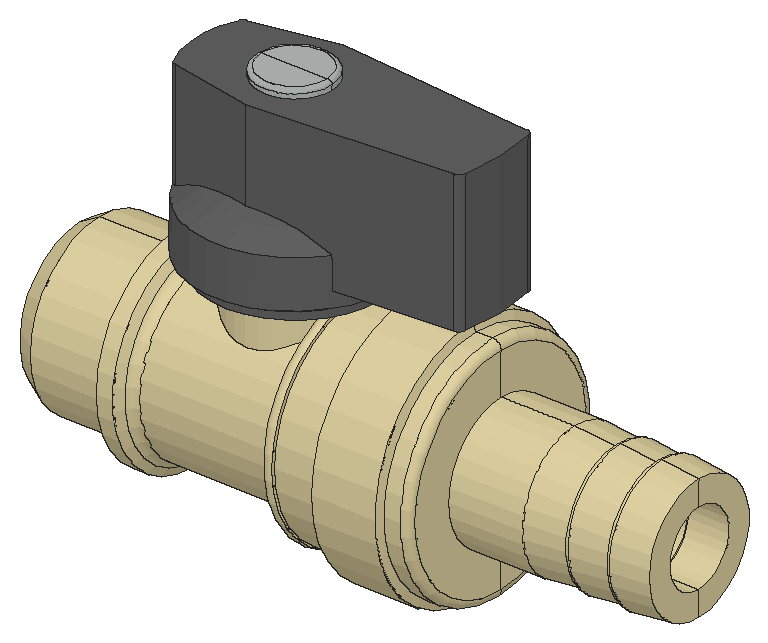
Revit family "QL23861015", category Apparecchi idraulici, Revit 2020
Family settings
  Quota connettore circolare = Usa diametro
  Tipo di parte = Normale
  Numero OmniClass = 23.45.00.00
  Titolo OmniClass = Sanitary, Laundry, and Cleaning Equipment
  Basato su piano di lavoro = No
  Sempre verticale = Sì
  Taglio con vuoti quando caricato = No
  Condiviso = No
  Punto di calcolo locali = No
Parameters
  URL = "https://web.cimberio.it/index.php/figura/154?subcategoria_id="
  Temperatura di esercizio = "-20 ÷ 90°C"
  Prospetto di default = 0 mm
  Produttore = "CIMBERIO SPA"
  Pressione nominale = "PN 16"
  Modello = "Cim 193"
  Materiale = "Prodotto in lega di ottone conforme alla norma EN 12165-CW617N-DW"
  Descrizione = "Realizzato in ottemperanza ai requisiti gestionali della norma EN ISO 9001.\r\nCollaudato al 100% secondo la normativa EN 12266-1.\r\nUtilizzato per impianti idraulici domestici e commerciali, impianti di riscaldamento come scarico caldaia"
  DN [instance] = 9 mm
  Type Comments = ""
Reference planes
  plane 1 "Centro (Fronte/Retro)": y = 0
  plane 2: z = 0
  plane 3 "Centro (Sinistra/Destra)": x = 0
Forms (mm)
  Revolve 1, solid, material "Cim_Lega di ottone gialla filetto"
    sketch origin (0, 0, 0) x (1, 0, 0) y (0, 0, 1)
      loop
        line (-26, 4.5) -> (-14, 4.5) -> (-14, 10.45) -> (-23.59, 10.45) -> (-26, 9.007) -> (-26, 4.5)
      axis (-26, 0) -> (-14, 0)
    angle from 0 to 360
  Revolve 2, solid, material "Cim_Lega di ottone gialla"
    sketch origin (0, 0, 0) x (1, 0, 0) y (0, 0, 1)
      loop
        line (-14, -4.5) -> (-14, -12.5) -> (-12, -12.5) -> (-11.423, -11.5)
        arc (-11.423, -11.5) -> (-10.874, -10.951) -> (-10.124, -10.75) r 1.5
        line (-10.124, -10.75) -> (5.412, -10.75) -> (6.711, -13)
        arc (6.711, -13) -> (7.277, -13.454) -> (8, -13.406) r 1
        line (8, -13.406) -> (8, -4.5) -> (-14, -4.5)
      axis (-14, 0) -> (8, 0)
    angle from 0 to 360
  Revolve 3, solid, material "Cim_Lega di ottone gialla filetto"
    sketch origin (0, 0, 0) x (1, 0, 0) y (0, 0, 1)
      loop
        line (8, 13.125) -> (8, 4.5) -> (13.5, 4.5) -> (13.5, 13.125) -> (8, 13.125)
      axis (8, 0) -> (13.5, 0)
    angle from 0 to 360
  Revolve 4, solid, material "Cim_Lega di ottone gialla"
    sketch origin (0, 0, 0) x (1, 0, 0) y (0, 0, 1)
      loop
        arc (25, 13) -> (24.707, 13.707) -> (24, 14) r 1
        line (24, 14) -> (22, 14) -> (21.733, 14.997) -> (14.075, 14.997) -> (13.5, 13.943) -> (13.5, 4.5) -> (25, 4.5) -> (25, 13)
      axis (13.5, 0) -> (25, 0)
    angle from 0 to 360
  Revolve 5, solid, material "Cim_Lega di ottone gialla"
    sketch origin (0, 0, 0) x (1, 0, 0) y (0, 0, 1)
      loop
        line (34, 8) -> (25, 8) -> (25, 4.5) -> (39, 4.5) -> (39, 7.5) -> (34, 8)
      axis (39, 0) -> (25, 0)
    angle from 0 to 360
  Revolve 6, solid, material "Cim_Lega di ottone gialla"
    sketch origin (0, 0, 0) x (1, 0, 0) y (0, 0, 1)
      loop
        line (44, 7.5) -> (39.518, 7.969)
        arc (39.518, 7.969) -> (39.155, 7.851) -> (39, 7.502) r 0.469
        line (39, 7.502) -> (39, 4.5) -> (44, 4.5) -> (44, 7.5)
      axis (39, 0) -> (44, 0)
    angle from 0 to 360
  Revolve 7, solid, material "Cim_Lega di ottone gialla"
    sketch origin (5, 0, 0) x (1, 0, 0) y (0, 0, 1)
      loop
        line (44, 7.5) -> (39.518, 7.969)
        arc (39.518, 7.969) -> (39.155, 7.851) -> (39, 7.502) r 0.469
        line (39, 7.502) -> (39, 4.5) -> (44, 4.5) -> (44, 7.5)
      axis (39, 0) -> (44, 0)
    angle from 0 to 360
  Revolve 8, solid, material "Cim_Lega di ottone gialla"
    sketch origin (0, 0, 0) x (1, 0, 0) y (0, 0, 1)
      loop
        line (0, 18.3) -> (0, 7.255) -> (7.335, 7.255) -> (7.335, 16.85) -> (6.5, 16.85) -> (6.5, 18.3) -> (0, 18.3)
      axis (0, 18.3) -> (0, 7.255)
    angle from 0 to 360
  Revolve 9, solid, material "Cim_Gomma"
    sketch origin (0, 0, 0) x (1, 0, 0) y (0, 0, 1)
      loop
        line (0, 13.3) -> (0, 24.232)
        arc (0, 24.232) -> (-6.19, 23.617) -> (-11.799, 20.928) r 17.959
        line (-11.799, 20.928) -> (-11.9, 15.166) -> (-10.305, 14.245) -> (-10.305, 13.3) -> (0, 13.3)
      axis (0, 24.232) -> (0, 13.3)
    angle from 0 to 360
  Extrusion 10, solid, material "Cim_Gomma"
    sketch origin (0, 0, 0) x (1, 0, 0) y (0, 1, 0)
      loop
        arc (-10.06, 5.415) -> (-10.443, 5.242) -> (-10.723, 4.923) r 0.886
        arc (-10.723, 4.923) -> (-11.799, -0.045) -> (-10.672, -5) r 11.799
        arc (-10.672, -5) -> (-10.403, -5.334) -> (-10.012, -5.508) r 0.907
        arc (-10.012, -5.508) -> (-5.001, -6.428) -> (0.006, -7.374) r 970.03
        line (0.006, -7.374) -> (23.658, -5.5)
        arc (23.658, -5.5) -> (24.243, -5.247) -> (24.556, -4.691) r 1
        arc (24.556, -4.691) -> (25, 0) -> (24.556, 4.691) r 25
        arc (24.556, 4.691) -> (24.239, 5.25) -> (23.647, 5.501) r 1
        line (23.647, 5.501) -> (0.006, 7.374)
        arc (0.006, 7.374) -> (-5.024, 6.381) -> (-10.06, 5.415) r 970.804
    from 17.1 to 34.1
  Revolve 11, solid, material "Cim_Lega di ottone"
    sketch origin (0, 0, 0) x (1, 0, 0) y (0, 0, 1)
      loop
        line (4, 35.1) -> (0, 35.1) -> (0, 33.382) -> (4.5, 33.382) -> (4.5, 34.6)
        arc (4.5, 34.6) -> (4.354, 34.954) -> (4, 35.1) r 0.5
      axis (0, 35.1) -> (0, 33.382)
    angle from 0 to 360
Dimensions and locks
  aligned and locked: level to plane 2
Connectors
  piping at (49, 0, 0), diameter 9, driven by "DN"
    settings: on Revolve 7, index 1, connector inside diameter 609.6 mm, connector length 0 mm, flow factor 0, pipe flow 0.0 L/s, pressure drop 0.0 Pa, fitting loss kfactor 0, connector angle 0.00°, fixture units 0, engagement length 0 mm, angle of deflection 0.00°, flow configuration 0, flow direction 0, fitting loss method 0, system type 7, joint type 0, gender type 0, connector reference index -1, connector utility 0, adjustable connector no, is connector primary yes, connector description ""
  piping at (-26, 0, 0), diameter 9, driven by "DN"
    settings: on Revolve 1, index 2, connector inside diameter 609.6 mm, connector length 0 mm, flow factor 0, pipe flow 0.0 L/s, pressure drop 0.0 Pa, fitting loss kfactor 0, connector angle 0.00°, fixture units 0, engagement length 0 mm, angle of deflection 0.00°, flow configuration 0, flow direction 0, fitting loss method 0, system type 7, joint type 0, gender type 0, connector reference index -1, connector utility 0, adjustable connector no, is connector primary no, connector description ""
